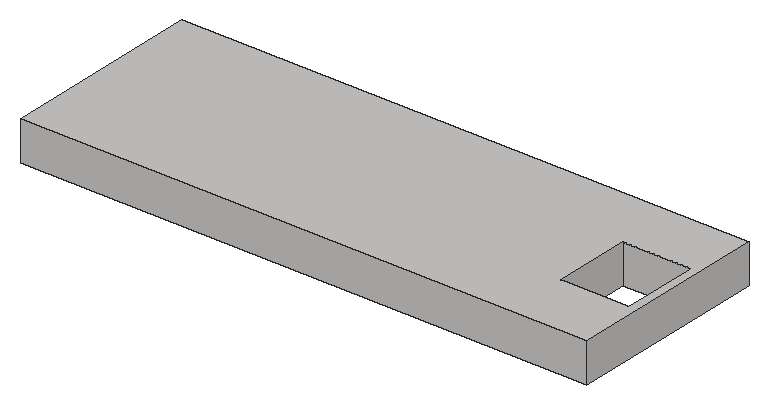
Revit family "G805-007 CAB36", category Mechanical Equipment, Revit 2012
Parameters (values of type "8 TON")
  Water Outlet Radius = 0' - 0 11/16"
  Water Inlet Radius = 0' - 0 11/16"
  URL = "http://www.desert-aire.com/"
  Type Comments = ""
  RC Return Radius = 0' - 0 5/16"
  RC Discharge Radius = 0' - 0 7/16"
  Outdoor Unit = yes
  Model = "G805-007"
  Manufacturer = "DESERT AIRE"
  Description = "NON-PACKAGED"
  Curb Height [instance] = 0' - 8"
  Cost = 0
Types (4): name | Water Outlet Radius | Water Inlet Radius | RC Return Radius | RC Discharge Radius | Model
  (no name) | 0' - 0 11/16" | 0' - 0 11/16" | 0' - 0 5/16" | 0' - 0 7/16" | "G805-007"
  8 TON | 0' - 0 11/16" | 0' - 0 11/16" | 0' - 0 5/16" | 0' - 0 7/16" | "G805-007"
  10 TON | 0' - 0 11/16" | 0' - 0 11/16" | 0' - 0 5/16" | 0' - 0 7/16" | "G805-001"
  15 TON | 0' - 0 13/16" | 0' - 0 13/16" | 0' - 0 3/8" | 0' - 0 9/16" | "G805-001"
Reference planes (in)
  plane 1: y = 0
  plane 2: z = 0
  plane 3: x = 0
  plane 4: z = 8
  plane 5: z = 9.52
  plane 6: z = 54.675
Forms (in)
  Extrusion 1, solid, material "Steel"
    sketch origin (-10.22373, 0, 0) x (1, 0, 0) y (0, 1, 0)
      loop
        line (-47.097, 20.30076) -> (-47.097, -20.82424) -> (68.278, -20.82424) -> (68.278, 20.30076) -> (-47.097, 20.30076)
      loop
        line (52.63426, 7.96659) -> (52.63426, -7.91349) -> (66.58947, -7.91349) -> (66.58947, 7.96659) -> (52.63426, 7.96659)
    from 0 to 8
Dimensions and locks (in)
  "Curb Height": plane 4 to plane 2
  locked: plane 5 to plane 4 at 1.52
  locked: plane 6 to plane 5 at 45.155
  aligned and locked: Extrusion 1 to plane 2
  aligned and locked: plane 4 to Extrusion 1
  aligned and locked: plane 4 to import instance
  aligned and locked: import instance to plane 6
  aligned and locked: import instance to import instance  (x2)
Automatic sketch dimensions
  plane 1 to Extrusion 1 sketch curve = 1' - 8 211/256"
  Extrusion 1 sketch curve to plane 3 = 4' - 9.32073"
  plane 1 to Extrusion 1 sketch curve = 0' - 7.91349"
  plane 3 to Extrusion 1 sketch curve = 3' - 6.41052"
  Extrusion 1 sketch curve to Extrusion 1 sketch curve = 1' - 1.95522"
  Extrusion 1 sketch curve to Extrusion 1 sketch curve = 0' - 1.68853"
  Extrusion 1 sketch curve to plane 1 = 0' - 7.96659"
  Extrusion 1 sketch curve to Extrusion 1 sketch curve = 1' - 0.33417"
Connectors (in)
  piping at (-20.54783, -1.97213, 0)
    settings: on Extrusion 1, index 5, connector radius 1/2", flow factor 0, pipe flow 0 GPM, pressure drop 0.00 psi, fitting loss kfactor 0, connector angle 0.00°, fixture units 0, engagement length 0' - 0", flow configuration 0, flow direction 0, fitting loss method 0, system type 22, joint type 0, gender type 0, connector reference index -1, connector utility 0, adjustable connector no, is connector primary yes, fitting loss table "", connector description "BOTTOM CONDENSATE"
  electrical at (63.13717, -21.17905, 50.55454)
    settings: on import instance, index 29, voltage 0 V, apparent load 0 VA, apparent load phase1 0 VA, apparent load phase2 0 VA, apparent load phase3 0 VA, power factor 1, load classification "Other", number of poles 1, system type 30, power factor state 1, is connector primary yes, connector utility no, sub classification motor no, connector description "OPTIONAL DISCONNECT LOCATION"
  hvac at (63.13717, 0.04013, 21.07635)
    settings: on import instance, index 30, duct flow 0 CFM, flow factor 0, pres drop 0.00 in-wg, loss coef 0, conn angle 0.00°, conn width 15 3/4", conn height 13 3/4", conn radius 12", duct sys type 1, conn prof type 1, flow config 0, flow direction 0, loss method 0, conn ref index -1, conn util no, is conn primary yes, conn desc "SUPPLY DISCHARGE"
  piping at (-20.41783, -24.5, 12.98926)
    settings: on import instance, index 31, connector radius 1/2", flow factor 0, pipe flow 0 GPM, pressure drop 0.00 psi, fitting loss kfactor 0, connector angle 0.00°, fixture units 0, engagement length 0' - 0", flow configuration 0, flow direction 0, fitting loss method 0, system type 22, joint type 0, gender type 0, connector reference index -1, connector utility 0, adjustable connector no, is connector primary no, fitting loss table "", connector description "LEFT SIDE CONDENSATE"
  piping at (20.94713, -24.5, 12.98926), driven by "RC Discharge Radius"
    settings: on import instance, index 32, connector radius 7/16", flow factor 0, pipe flow 0 GPM, pressure drop 0.00 psi, fitting loss kfactor 0, connector angle 0.00°, fixture units 0, engagement length 0' - 0", flow configuration 0, flow direction 0, fitting loss method 0, system type 7, joint type 0, gender type 0, connector reference index -1, connector utility 0, adjustable connector no, is connector primary no, fitting loss table "", connector description "LEFT SIDE RC DISCHARGE CONNECTION LOCATION"
  piping at (20.94713, -24.5, 14.98926), driven by "RC Return Radius"
    settings: on import instance, index 33, connector radius 5/16", flow factor 0, pipe flow 0 GPM, pressure drop 0.00 psi, fitting loss kfactor 0, connector angle 0.00°, fixture units 0, engagement length 0' - 0", flow configuration 0, flow direction 0, fitting loss method 0, system type 8, joint type 0, gender type 0, connector reference index -1, connector utility 0, adjustable connector no, is connector primary no, fitting loss table "", connector description "LEFT SIDE RC RETURN CONNECTION LOCATION"
  piping at (20.94713, -24.5, 20.98926), driven by "Water Inlet Radius"
    settings: on import instance, index 34, connector radius 11/16", flow factor 0, pipe flow 0 GPM, pressure drop 0.00 psi, fitting loss kfactor 0, connector angle 0.00°, fixture units 0, engagement length 0' - 0", flow configuration 0, flow direction 0, fitting loss method 0, system type 20, joint type 0, gender type 0, connector reference index -1, connector utility 0, adjustable connector no, is connector primary no, fitting loss table "", connector description "LEFT SIDE WATER INLET CONNECTION LOCATION"
  piping at (20.94713, -24.5, 23.23926), driven by "Water Outlet Radius"
    settings: on import instance, index 35, connector radius 11/16", flow factor 0, pipe flow 0 GPM, pressure drop 0.00 psi, fitting loss kfactor 0, connector angle 0.00°, fixture units 0, engagement length 0' - 0", flow configuration 0, flow direction 0, fitting loss method 0, system type 20, joint type 0, gender type 0, connector reference index -1, connector utility 0, adjustable connector no, is connector primary no, fitting loss table "", connector description "LEFT SIDE WATER OUTLET CONNECTION LOCATION"
  piping at (-20.39186, 24.56, 13.02296)
    settings: on import instance, index 36, connector radius 1/2", flow factor 0, pipe flow 0 GPM, pressure drop 0.00 psi, fitting loss kfactor 0, connector angle 0.00°, fixture units 0, engagement length 0' - 0", flow configuration 0, flow direction 0, fitting loss method 0, system type 22, joint type 0, gender type 0, connector reference index -1, connector utility 0, adjustable connector no, is connector primary no, fitting loss table "", connector description "RIGHT SIDE CONDENSATE"
  piping at (20.85814, 24.56, 13.02296), driven by "RC Discharge Radius"
    settings: on import instance, index 37, connector radius 7/16", flow factor 0, pipe flow 0 GPM, pressure drop 0.00 psi, fitting loss kfactor 0, connector angle 0.00°, fixture units 0, engagement length 0' - 0", flow configuration 0, flow direction 0, fitting loss method 0, system type 7, joint type 0, gender type 0, connector reference index -1, connector utility 0, adjustable connector no, is connector primary no, fitting loss table "", connector description "RIGHT SIDE RC DISCHARGE CONNECTION LOCATION"
  piping at (20.85814, 24.56, 15.02296), driven by "RC Return Radius"
    settings: on import instance, index 38, connector radius 5/16", flow factor 0, pipe flow 0 GPM, pressure drop 0.00 psi, fitting loss kfactor 0, connector angle 0.00°, fixture units 0, engagement length 0' - 0", flow configuration 0, flow direction 0, fitting loss method 0, system type 8, joint type 0, gender type 0, connector reference index -1, connector utility 0, adjustable connector no, is connector primary no, fitting loss table "", connector description "RIGHT SIDE RC RETURN CONNECTION LOCATION"
  piping at (20.85814, 24.56, 21.02296), driven by "Water Inlet Radius"
    settings: on import instance, index 39, connector radius 11/16", flow factor 0, pipe flow 0 GPM, pressure drop 0.00 psi, fitting loss kfactor 0, connector angle 0.00°, fixture units 0, engagement length 0' - 0", flow configuration 0, flow direction 0, fitting loss method 0, system type 20, joint type 0, gender type 0, connector reference index -1, connector utility 0, adjustable connector no, is connector primary no, fitting loss table "", connector description "RIGHT SIDE WATER INLET CONNETION LOCATION"
  piping at (21.01509, 24.56, 23.26748), driven by "Water Outlet Radius"
    settings: on import instance, index 40, connector radius 11/16", flow factor 0, pipe flow 0 GPM, pressure drop 0.00 psi, fitting loss kfactor 0, connector angle 0.00°, fixture units 0, engagement length 0' - 0", flow configuration 0, flow direction 0, fitting loss method 0, system type 20, joint type 0, gender type 0, connector reference index -1, connector utility 0, adjustable connector no, is connector primary no, fitting loss table "", connector description "RIGHT SIDE WATER OUTLET CONNETION LOCATION"
  hvac at (55.23149, -0.01473, 57.925)
    settings: on import instance, index 41, duct flow 0 CFM, flow factor 0, pres drop 0.00 in-wg, loss coef 0, conn angle 0.00°, conn width 13 3/4", conn height 15 3/4", conn radius 12", duct sys type 1, conn prof type 1, flow config 0, flow direction 0, loss method 0, conn ref index -1, conn util no, is conn primary no, conn desc "SUPPLY DISCHARGE"
  hvac at (-62.73283, 0.00214, 34.72159)
    settings: on import instance, index 42, duct flow 0 CFM, flow factor 0, pres drop 0.00 in-wg, loss coef 0, conn angle 0.00°, conn width 35 7/8", conn height 44 1/2", conn radius 12", duct sys type 3, conn prof type 1, flow config 0, flow direction 0, loss method 0, conn ref index -1, conn util no, is conn primary no, conn desc "O/A INTAKE"
  hvac at (49.4035, -0.05942, 12.5)
    settings: on import instance, index 43, duct flow 0 CFM, flow factor 0, pres drop 0.00 in-wg, loss coef 0, conn angle 0.00°, conn width 15 3/4", conn height 13 3/4", conn radius 12", duct sys type 1, conn prof type 1, flow config 0, flow direction 0, loss method 0, conn ref index -1, conn util no, is conn primary no, conn desc "SUPPLY AIR DUCT CONNECTION"
